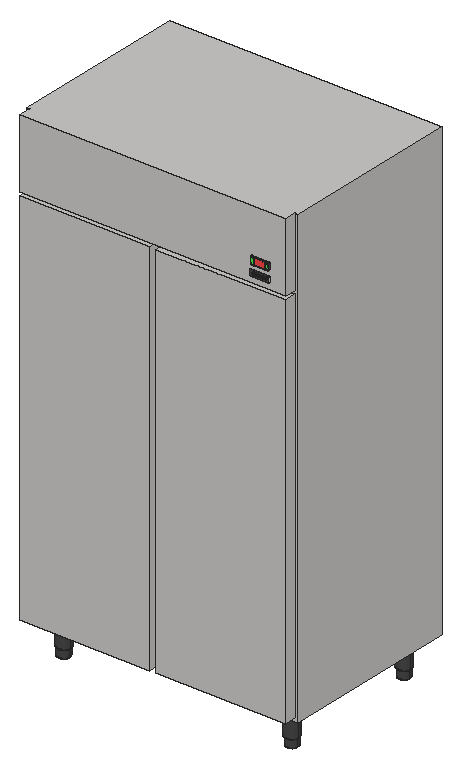
Revit family "RVT_Macom_FVVx-xIT 03 23 A", category Specialty Equipment, Revit 2020
Family settings
  Round Connector Dimension = Use Diameter
  Part Type = Normal
  OmniClass Number = 23.40.40.11.11.11
  OmniClass Title = Refrigerators
  Work Plane-Based = No
  Always vertical = Yes
  Cut with Voids When Loaded = No
  Shared = No
  Room Calculation Point = No
Parameters (values of type "FVVD-MIT")
  Work Temperature = "-21°C to -18°C"
  Weight = 220.00 kg
  Watts = 774 W
  Warranty Start Date [instance] = ""
  Warranty Duration [instance] = ""
  Volume = 1.88 m³
  Volts = 220 V
  URL = "https://www.acosmacom.com.br/produtos/refrigerador-e-freezer-versatile-maxistok/"
  Model = "FVVD-MIT"
  Manufacturer = "MACOM"
  Default Elevation = 0.00 mm
  Door Width = (Length Actual - 28.00 mm * Door QTY) / Door QTY  # 542.00 mm
  Door QTY = 2
  Door 2 = Door QTY = 2  # yes
  Description = "FREEZER VERTICAL VERSATILE MAXI MACOM 2 PORTAS INOX, 20 TRILHOS, 10 CAIXAS PLASTICAS - 1140X800X2060"
  Type Comments = ""
  Technical Documentation [instance] = ""
  Tag Number [instance] = ""
  Status [instance] = ""
  Sound Level [instance] = ""
  Solid Fuel Type [instance] = ""
  Show Logo = yes
  Show Clearances = yes
  Service Life Duration [instance] = ""
  Revision [instance] = ""
  Refrigeration Working Pressure [instance] = 0.0 Pa
  Refrigeration Evaporation Temperature [instance] = -273.15 °C
  Refrigeration Energy Efficiency Index [instance] = ""
  Refrigeration Defrost Drain [instance] = yes
  Refrigeration Climate Class [instance] = "5"
  Refrigerant Type [instance] = "R404a"
  Refrigerant Mass [instance] = 0
  Refrigerant Flow [instance] = 0.0 m³/h
  Production Year [instance] = ""
  Phase [instance] = 0
  Operational Current = 5.07 A
  Model Warning [instance] = ""
  Masterspec [instance] = ""
  Length Actual = 1140.00 mm
  Installation Date [instance] = ""
  Ingress Protection Code [instance] = "IP 22"
  Identify Quantity as Lot [instance] = yes
  ID [instance] = ""
  Hygiene Approval [instance] = ""
  Height Actual = 2060.00 mm
  Foodservice Equipment Identifier [instance] = yes
  Elec Conn Connection Height [instance] = 1823.00 mm
  ETL Approved [instance] = yes
  Depth Actual = 800.00 mm
  Cycle [instance] = 60 Hz
  Capacity = "800 L"
  CSI MasterFormat [instance] = ""
  CE Approved [instance] = yes
  Accessory [instance] = yes
Types (3, lengths in mm): name | Weight | Watts | Volume | Model | Door QTY | Door 2 | Description | Refrigeration Evaporation Temperature | Operational Current | Length Actual | Capacity
  (no name) | 220.00 kg | 774 W | 1.88 m³ | "FVVD-MIT" | 2 | yes | "FREEZER VERTICAL VERSATILE MAXI MACOM 2 PORTAS INOX, 20 TRILHOS, 10 CAIXAS PLASTICAS - 1140X800X2060" | -273.15 °C | 5.07 A | 1140.00 | "800 L"
  FVVD-MIT | 220.00 kg | 774 W | 1.88 m³ | "FVVD-MIT" | 2 | yes | "FREEZER VERTICAL VERSATILE MAXI MACOM 2 PORTAS INOX, 20 TRILHOS, 10 CAIXAS PLASTICAS - 1140X800X2060" | -273.15 °C | 5.07 A | 1140.00 | "800 L"
  FVVS-SIT | 150.00 kg | 706 W | 0.94 m³ | "FVVS-SIT" | 1 | no | "FREEZER VERTICAL VERSATILE SLIM MACOM, 1 PORTA INOX, 10 TRILHOS, 5 CAIXAS PLASTICAS - 570X800X2060MM" | 0 °C | 3.82 A | 570.00 | "410 L"
Reference planes
  plane 1 "Centro (Frontal/Traseira)": y = 0
  plane 2: z = 0
  plane 3 "Centro (Esquerda/Direita)": x = 0
  plane 4: z = 1770
  plane 5: z = 150
  plane 6: y = -126.5
  plane 7: y = -713.5
  plane 8: y = -45
  plane 9: y = -795
  plane 10: x = 91.5
  plane 11: x = 1140
  plane 12: z = 2060
  plane 13: y = -845
  plane 14: y = -845
  plane 15: z = 48.128
  plane 16: y = -845
Forms (mm)
  Extrusion 1, solid, material "QF_Metal_Stainless_Steel"
    sketch origin (0, 5, 0) x (0, 1, 0) y (0, 0, 1)
      loop
        line (-50, 150) -> (-50, 1770) -> (-800, 1770) -> (-800, 150) -> (-50, 150)
    from 0 to 1140
  Extrusion 2, solid, material "QF_Metal_Stainless_Steel"
    sketch origin (0, -45, 1770) x (0, -1, 0) y (1, 0, 0)
      loop
        line (0, 0) -> (750, 0) -> (750, 14) -> (800, 14) -> (800, 1126) -> (750, 1126) -> (750, 1140) -> (0, 1140) -> (0, 0)
    from 0 to 290
  Extrusion 3, solid, material "QF_Metal_Stainless_Steel"
    sketch origin (-7.8, -50, 1767.485) x (1, 0, 0) y (0, 0, -1)
      loop
        line (1050.1, -98.515) -> (1050.1, 230.885) -> (91.5, 230.885) -> (91.5, -98.515) -> (1050.1, -98.515)
    from 5 to 50
  Extrusion 4, solid, material "QF_Metal_Stainless_Steel"
    sketch origin (0, -45, 1770) x (1, 0, 0) y (0, 0, -1)
      loop
        circle (1073, -53) r 9.525
    from 0 to 6.4
  Extrusion 5, solid, material "QF_Finishes_Clearance_Wall", detail levels coarse
    sketch origin (0, -45, 2060) x (0, -1, 0) y (1, 0, 0)
      loop
        line (-45, 0) -> (-45, 1140) -> (-95, 1140) -> (-95, 0) -> (-45, 0)
    from 0 to -2060
Cuts and joins
  joined: Extrusion 1, Extrusion 2
Lines and regions (mm)
  model lines
    curve 1: line (21, -85, 2060) -> (21, -770, 2060)
    curve 2: line (1119, -85, 2060) -> (21, -85, 2060)
    curve 3: line (1119, -770, 2060) -> (1119, -85, 2060)
    curve 4: line (21, -770, 2060) -> (1119, -770, 2060)
    curve 5: line (54, -845, 2028.2) -> (134, -845, 2028.2)
    curve 6: line (54, -845, 2023.2) -> (54, -845, 2028.2)
    curve 7: line (134, -845, 2023.2) -> (54, -845, 2023.2)
    curve 8: line (134, -845, 2028.2) -> (134, -845, 2023.2)
    curve 9: line (54, -845, 2018.2) -> (134, -845, 2018.2)
    curve 10: line (54, -845, 2013.2) -> (54, -845, 2018.2)
    curve 11: line (134, -845, 2013.2) -> (54, -845, 2013.2)
    curve 12: line (134, -845, 2018.2) -> (134, -845, 2013.2)
    curve 13: line (54, -845, 2008.2) -> (134, -845, 2008.2)
    curve 14: line (54, -845, 2003.2) -> (54, -845, 2008.2)
    curve 15: line (134, -845, 2003.2) -> (54, -845, 2003.2)
    curve 16: line (134, -845, 2008.2) -> (134, -845, 2003.2)
    curve 17: line (54, -845, 1998.2) -> (134, -845, 1998.2)
    curve 18: line (54, -845, 1993.2) -> (54, -845, 1998.2)
    curve 19: line (134, -845, 1993.2) -> (54, -845, 1993.2)
    curve 20: line (134, -845, 1998.2) -> (134, -845, 1993.2)
    curve 21: line (54, -845, 1988.2) -> (134, -845, 1988.2)
    curve 22: line (54, -845, 1983.2) -> (54, -845, 1988.2)
    curve 23: line (134, -845, 1983.2) -> (54, -845, 1983.2)
    curve 24: line (134, -845, 1988.2) -> (134, -845, 1983.2)
    curve 25: line (54, -845, 1978.2) -> (134, -845, 1978.2)
    curve 26: line (54, -845, 1973.2) -> (54, -845, 1978.2)
    curve 27: line (134, -845, 1973.2) -> (54, -845, 1973.2)
    curve 28: line (134, -845, 1978.2) -> (134, -845, 1973.2)
    curve 29: line (54, -845, 1968.2) -> (134, -845, 1968.2)
    curve 30: line (54, -845, 1963.2) -> (54, -845, 1968.2)
    curve 31: line (134, -845, 1963.2) -> (54, -845, 1963.2)
    curve 32: line (134, -845, 1968.2) -> (134, -845, 1963.2)
    curve 33: line (54, -845, 1958.2) -> (134, -845, 1958.2)
    curve 34: line (54, -845, 1953.2) -> (54, -845, 1958.2)
    curve 35: line (134, -845, 1953.2) -> (54, -845, 1953.2)
    curve 36: line (134, -845, 1958.2) -> (134, -845, 1953.2)
    curve 37: line (54, -845, 1948.2) -> (134, -845, 1948.2)
    curve 38: line (54, -845, 1943.2) -> (54, -845, 1948.2)
    curve 39: line (134, -845, 1943.2) -> (54, -845, 1943.2)
    curve 40: line (134, -845, 1948.2) -> (134, -845, 1943.2)
    curve 41: line (54, -845, 1938.2) -> (134, -845, 1938.2)
    curve 42: line (54, -845, 1933.2) -> (54, -845, 1938.2)
    curve 43: line (134, -845, 1933.2) -> (54, -845, 1933.2)
    curve 44: line (134, -845, 1938.2) -> (134, -845, 1933.2)
    curve 45: line (54, -845, 1928.2) -> (134, -845, 1928.2)
    curve 46: line (54, -845, 1923.2) -> (54, -845, 1928.2)
    curve 47: line (134, -845, 1923.2) -> (54, -845, 1923.2)
    curve 48: line (134, -845, 1928.2) -> (134, -845, 1923.2)
    curve 49: line (54, -845, 1918.2) -> (134, -845, 1918.2)
    curve 50: line (54, -845, 1913.2) -> (54, -845, 1918.2)
    curve 51: line (134, -845, 1913.2) -> (54, -845, 1913.2)
    curve 52: line (134, -845, 1918.2) -> (134, -845, 1913.2)
    curve 53: line (54, -845, 1908.2) -> (134, -845, 1908.2)
    curve 54: line (54, -845, 1903.2) -> (54, -845, 1908.2)
    curve 55: line (134, -845, 1903.2) -> (54, -845, 1903.2)
    curve 56: line (134, -845, 1908.2) -> (134, -845, 1903.2)
    curve 57: line (54, -845, 1898.2) -> (134, -845, 1898.2)
    curve 58: line (54, -845, 1893.2) -> (54, -845, 1898.2)
    curve 59: line (134, -845, 1893.2) -> (54, -845, 1893.2)
    curve 60: line (134, -845, 1898.2) -> (134, -845, 1893.2)
    curve 61: line (54, -845, 1888.2) -> (134, -845, 1888.2)
    curve 62: line (54, -845, 1883.2) -> (54, -845, 1888.2)
    curve 63: line (134, -845, 1883.2) -> (54, -845, 1883.2)
    curve 64: line (134, -845, 1888.2) -> (134, -845, 1883.2)
    curve 65: line (54, -845, 1878.2) -> (134, -845, 1878.2)
    curve 66: line (54, -845, 1873.2) -> (54, -845, 1878.2)
    curve 67: line (134, -845, 1873.2) -> (54, -845, 1873.2)
    curve 68: line (134, -845, 1878.2) -> (134, -845, 1873.2)
    curve 69: line (54, -845, 1868.2) -> (134, -845, 1868.2)
    curve 70: line (54, -845, 1863.2) -> (54, -845, 1868.2)
    curve 71: line (134, -845, 1863.2) -> (54, -845, 1863.2)
    curve 72: line (134, -845, 1868.2) -> (134, -845, 1863.2)
    curve 73: line (54, -845, 1858.2) -> (134, -845, 1858.2)
    curve 74: line (54, -845, 1853.2) -> (54, -845, 1858.2)
    curve 75: line (134, -845, 1853.2) -> (54, -845, 1853.2)
    curve 76: line (134, -845, 1858.2) -> (134, -845, 1853.2)
    curve 77: line (54, -845, 1848.2) -> (134, -845, 1848.2)
    curve 78: line (54, -845, 1843.2) -> (54, -845, 1848.2)
    curve 79: line (134, -845, 1843.2) -> (54, -845, 1843.2)
    curve 80: line (134, -845, 1848.2) -> (134, -845, 1843.2)
    curve 81: line (54, -845, 1838.2) -> (134, -845, 1838.2)
    curve 82: line (54, -845, 1833.2) -> (54, -845, 1838.2)
    curve 83: line (134, -845, 1833.2) -> (54, -845, 1833.2)
    curve 84: line (134, -845, 1838.2) -> (134, -845, 1833.2)
    curve 85: line (54, -845, 1828.2) -> (134, -845, 1828.2)
    curve 86: line (54, -845, 1823.2) -> (54, -845, 1828.2)
    curve 87: line (134, -845, 1823.2) -> (54, -845, 1823.2)
    curve 88: line (134, -845, 1828.2) -> (134, -845, 1823.2)
    curve 89: line (54, -845, 1818.2) -> (134, -845, 1818.2)
    curve 90: line (54, -845, 1813.2) -> (54, -845, 1818.2)
    curve 91: line (134, -845, 1813.2) -> (54, -845, 1813.2)
    curve 92: line (134, -845, 1818.2) -> (134, -845, 1813.2)
  symbolic lines
    curve 93: line (0, -45, 0) -> (1140, -45, 0)
    curve 94: line (1140, -45, 0) -> (1140, -795, 0)
    curve 95: line (1140, -795, 0) -> (1126, -795, 0)
    curve 96: line (1126, -795, 0) -> (1126, -845, 0)
    curve 97: line (1126, -845, 0) -> (14, -845, 0)
    curve 98: line (14, -845, 0) -> (14, -795, 0)
    curve 99: line (14, -795, 0) -> (0, -795, 0)
    curve 100: line (0, -795, 0) -> (0, -45, 0)
    curve 101: line (21, -85, 0) -> (1119, -85, 0)
    curve 102: line (21, -770, 0) -> (21, -85, 0)
    curve 103: line (1119, -770, 0) -> (21, -770, 0)
    curve 104: line (1119, -85, 0) -> (1119, -770, 0)
    curve 105: line (83.7, -45, 0) -> (83.7, 0, 0)
    curve 106: line (83.7, 0, 0) -> (1042.3, 0, 0)
    curve 107: line (1042.3, 0, 0) -> (1042.3, -45, 0)
Dimensions and locks
  locked: plane 8 to plane 6 at 81.5
  locked: plane 8 to plane 7 at 668.5
  locked: plane 8 to plane 9 at 750
  locked: plane 4 to plane 5 at 1620
  locked: plane 10 to plane 3 "Centro (Esquerda/Direita)" at 91.5
  "Length Actual": plane 11 to plane 3 "Centro (Esquerda/Direita)"
  plane 4 to plane 5 = 1620.00 mm
  plane 12 to plane 5 = 1910.00 mm
  "Height Actual": plane 12 to level
  "Depth Actual": plane 8 to plane 16
  locked: Extrusion 3 sketch curve to Extrusion 3 sketch curve at 329.4
  "Elec Conn Connection Height": level to Extrusion 4 sketch curve
  locked: plane 11 to Extrusion 4 sketch curve at 67
  locked: cut or joined group of Extrusion 1, Extrusion 2 to nested 5 at 81
  locked: cut or joined group of Extrusion 1, Extrusion 2 to nested 6 at 81
  locked: nested 8 to cut or joined group of Extrusion 1, Extrusion 2 at 14
  locked: nested 7 to cut or joined group of Extrusion 1, Extrusion 2 at 14  (x2)
  locked: cut or joined group of Extrusion 1, Extrusion 2 to Extrusion 3 sketch curve at 83.7  (x2)
  cut or joined group of Extrusion 1, Extrusion 2 to Extrusion 3 sketch curve = 194.00 mm
  locked: cut or joined group of Extrusion 1, Extrusion 2 to nested 3 at 91.5
  locked: cut or joined group of Extrusion 1, Extrusion 2 to nested 8 at 14
  locked: curve 3 to cut or joined group of Extrusion 1, Extrusion 2 at 21
  locked: cut or joined group of Extrusion 1, Extrusion 2 to curve 1 at 21
  aligned and locked: level to plane 2
  aligned and locked: plane 4 to Extrusion 1
  aligned and locked: plane 5 to Extrusion 1
  aligned and locked: plane 5 to nested 2
  aligned and locked: plane 5 to nested 3
  aligned and locked: plane 5 to nested 1
  aligned and locked: plane 7 to nested 4
  aligned and locked: plane 7 to nested 1
  aligned and locked: plane 6 to nested 3
  aligned and locked: plane 6 to nested 2
  aligned and locked: plane 8 to Extrusion 1
  aligned and locked: plane 9 to Extrusion 1
  aligned and locked: plane 10 to nested 1
  aligned and locked: plane 10 to nested 2
  aligned and locked: plane 11 to Extrusion 1
  aligned and locked: plane 12 to cut or joined group of Extrusion 1, Extrusion 2
  aligned and locked: nested 5 to plane 13
  aligned and locked: plane 14 to nested 6
  aligned and locked: plane 16 to cut or joined group of Extrusion 1, Extrusion 2
  aligned and locked: plane 16 to plane 14
  aligned and locked: plane 14 to plane 13
  aligned and locked: cut or joined group of Extrusion 1, Extrusion 2 to nested 8
  aligned and locked: cut or joined group of Extrusion 1, Extrusion 2 to nested 7
  aligned and locked: Extrusion 3 to plane 1 "Centro (Frontal/Traseira)"
  aligned and locked: plane 1 "Centro (Frontal/Traseira)" to Extrusion 5 sketch curve
  aligned and locked: Extrusion 5 sketch curve to plane 3 "Centro (Esquerda/Direita)"
  aligned and locked: plane 11 to Extrusion 5 sketch curve
  aligned and locked: nested 4 to nested 3
  aligned and locked: curve 101 to curve 2
  aligned and locked: curve 102 to curve 1
  aligned and locked: curve 103 to curve 4
  aligned and locked: curve 104 to curve 3
  aligned and locked: plane 3 "Centro (Esquerda/Direita)" to curve 100
  aligned and locked: curve 94 to cut or joined group of Extrusion 1, Extrusion 2
  aligned and locked: curve 96 to cut or joined group of Extrusion 1, Extrusion 2
  aligned and locked: curve 98 to cut or joined group of Extrusion 1, Extrusion 2
  aligned and locked: Extrusion 3 to curve 107
  aligned and locked: Extrusion 3 to curve 105
Automatic sketch dimensions
  Extrusion 1 sketch curve to plane 5 = 0.00 mm
  Extrusion 1 sketch curve to plane 9 = 0.00 mm
  Extrusion 1 sketch curve to plane 4 = 0.00 mm
  Extrusion 1 sketch curve to plane 8 = 0.00 mm
  Extrusion 2 sketch curve to Extrusion 1 = 0.00 mm  (x4)
  Extrusion 1 to Extrusion 2 sketch curve = 0.00 mm
  Extrusion 1 to Extrusion 2 sketch curve = 14.00 mm  (x2)
  Extrusion 2 sketch curve to Extrusion 2 sketch curve = 50.00 mm
  Extrusion 2 to curve 92 = 43.20 mm
  Extrusion 2 to curve 92 = 120.00 mm
  Extrusion 2 to curve 5 = 31.80 mm
  Extrusion 2 to curve 5 = 120.00 mm
  curve 88 to curve 89 = 0.00 mm
  curve 7 to curve 9 = 0.00 mm  (x2)
  curve 84 to curve 85 = 0.00 mm
  curve 11 to curve 13 = 0.00 mm  (x2)
  curve 80 to curve 81 = 0.00 mm
  curve 15 to curve 17 = 0.00 mm  (x2)
  curve 76 to curve 77 = 0.00 mm
  curve 19 to curve 21 = 0.00 mm  (x2)
  curve 72 to curve 73 = 0.00 mm
  curve 23 to curve 25 = 0.00 mm  (x2)
  curve 68 to curve 69 = 0.00 mm
  curve 27 to curve 29 = 0.00 mm  (x2)
  curve 64 to curve 65 = 0.00 mm
  curve 31 to curve 33 = 0.00 mm  (x2)
  curve 60 to curve 61 = 0.00 mm
  curve 35 to curve 37 = 0.00 mm  (x2)
  curve 56 to curve 57 = 0.00 mm
  curve 39 to curve 41 = 0.00 mm  (x2)
  curve 52 to curve 53 = 0.00 mm
  curve 43 to curve 45 = 0.00 mm  (x2)
  Extrusion 2 to curve 49 = 40.00 mm
  curve 46 to curve 49 = 0.00 mm
  curve 50 to curve 53 = 0.00 mm
  curve 54 to curve 57 = 0.00 mm
  curve 58 to curve 61 = 0.00 mm
  curve 62 to curve 65 = 0.00 mm
  curve 66 to curve 69 = 0.00 mm
  curve 70 to curve 73 = 0.00 mm
  curve 74 to curve 77 = 0.00 mm
  curve 78 to curve 81 = 0.00 mm
  curve 82 to curve 85 = 0.00 mm
  curve 86 to curve 89 = 0.00 mm
  curve 5 to curve 7 = 5.00 mm
  curve 6 to curve 9 = 5.00 mm
  curve 9 to curve 11 = 5.00 mm
  curve 10 to curve 13 = 5.00 mm
  curve 13 to curve 15 = 5.00 mm
  curve 15 to curve 17 = 5.00 mm
  curve 17 to curve 19 = 5.00 mm
  curve 18 to curve 21 = 5.00 mm
  curve 21 to curve 23 = 5.00 mm
  curve 22 to curve 25 = 5.00 mm
  curve 25 to curve 27 = 5.00 mm
  curve 27 to curve 29 = 5.00 mm
  curve 29 to curve 31 = 5.00 mm
  curve 30 to curve 33 = 5.00 mm
  curve 33 to curve 35 = 5.00 mm
  curve 34 to curve 37 = 5.00 mm
  curve 37 to curve 39 = 5.00 mm
  curve 39 to curve 41 = 5.00 mm
  curve 41 to curve 43 = 5.00 mm
  curve 42 to curve 45 = 5.00 mm
  curve 45 to curve 47 = 5.00 mm
  curve 46 to curve 49 = 5.00 mm
  curve 49 to curve 51 = 5.00 mm
  curve 50 to curve 53 = 5.00 mm
  curve 53 to curve 55 = 5.00 mm
  curve 54 to curve 57 = 5.00 mm
  curve 57 to curve 59 = 5.00 mm
  curve 58 to curve 61 = 5.00 mm
  curve 61 to curve 63 = 5.00 mm
  curve 62 to curve 65 = 5.00 mm
  curve 65 to curve 67 = 5.00 mm
  curve 66 to curve 69 = 5.00 mm
  curve 69 to curve 71 = 5.00 mm
  curve 70 to curve 73 = 5.00 mm
  curve 73 to curve 75 = 5.00 mm
  curve 74 to curve 77 = 5.00 mm
  curve 77 to curve 79 = 5.00 mm
  curve 78 to curve 81 = 5.00 mm
  curve 81 to curve 83 = 5.00 mm
  curve 83 to curve 85 = 5.00 mm
  curve 85 to curve 87 = 5.00 mm
  curve 86 to curve 89 = 5.00 mm
  curve 3 to Extrusion 2 = 40.00 mm
  curve 3 to Extrusion 2 = 25.00 mm
  Extrusion 2 to Extrusion 5 sketch curve = 95.00 mm
  plane 1 "Centro (Frontal/Traseira)" to curve 107 = 0.00 mm
  plane 8 to curve 107 = 0.00 mm
  plane 13 to curve 96 = 0.00 mm
  plane 9 to curve 94 = 0.00 mm
  plane 9 to curve 99 = 0.00 mm
  radius of Extrusion 4 sketch curve = 9.525 mm
Nested families
  nested 1: "PÉ DE APOIO 150" at (91.5, -713.5, 0), type "PÉ DE APOIO 150"
  nested 2: "PÉ DE APOIO 150" at (91.5, -126.5, 0), type "PÉ DE APOIO 150"
  nested 3: "PÉ DE APOIO 150" at (1048.5, -126.5, 0), type "PÉ DE APOIO 150"
  nested 4: "PÉ DE APOIO 150" at (1048.5, -713.5, 0), type "PÉ DE APOIO 150"
  nested 5: "CONTROLADOR_CAB" at (1021.5, -845, 1859.435), type "CONTROLADOR_CAB"
  nested 6: "LOGOTIPO MACON" at (1019, -845, 1797.117), type "LOGOTIPO MACON"
  nested 7: "PORTA RV_FV" at (14, -795, 164), Length Actual <- "Door Width", Show Clearances <- "Show Clearances", type "PORTA RV_FV"
    with Weight 0.00 kg, Show Logo yes, Show Clearances yes, SMACNA No "", Revision Code "", R_Swing no, Point Load 0, NAFEM Spec ID Number "", Mid_Door 0.00 mm, Masterspec "", Length Actual 542.00 mm, L_Swing yes, Item Number "", Identify Quantity as Lot yes, Hinge_R no, Hinge_L yes, Hinge_Half 25.00 mm, Height Actual 0.00 mm, Half_Stainless_Door no, Half_Rght_Open no, Half_Left_Open no, Half_Half_Right_Open no, Half_Half_Left_Open no, Half_Glass_Half_Stainless no, Half_Glass_Door no, Full_Stainless_Door yes, Full_Right_Open no, Full_Left_Open no, Full_Glass_Door no, Foodservice Equipment Identifier yes, Door_Thk 50.00 mm, Depth Actual 0.00 mm, CutHalf 0.00 mm, CSI MasterFormat "", CE Approved yes, Accessory yes
  nested 8: "PORTA RV_FV" at (584, -795, 164), Length Actual <- "Door Width", Show Clearances <- "Show Clearances", visible <- "Door 2", type "PORTA RV_FV"
    with Weight 0.00 kg, Show Logo yes, Show Clearances yes, SMACNA No "", Revision Code "", R_Swing yes, Point Load 0, NAFEM Spec ID Number "", Mid_Door 0.00 mm, Masterspec "", Length Actual 542.00 mm, L_Swing no, Item Number "", Identify Quantity as Lot yes, Hinge_R yes, Hinge_L no, Hinge_Half 25.00 mm, Height Actual 0.00 mm, Half_Stainless_Door no, Half_Rght_Open no, Half_Left_Open no, Half_Half_Right_Open no, Half_Half_Left_Open no, Half_Glass_Half_Stainless no, Half_Glass_Door no, Full_Stainless_Door yes, Full_Right_Open no, Full_Left_Open no, Full_Glass_Door no, Foodservice Equipment Identifier yes, Door_Thk 50.00 mm, Depth Actual 0.00 mm, CutHalf 0.00 mm, CSI MasterFormat "", CE Approved yes, Accessory yes
Connectors
  electrical at (1073, -38.6, 1823), driven by "Volts"
    settings: on Extrusion 4, index 1, voltage 220 V, apparent load 0 VA, apparent load phase1 0 VA, apparent load phase2 0 VA, apparent load phase3 0 VA, power factor 1, load classification "Outro", number of poles 1, system type 30, power factor state 1, is connector primary yes, connector utility no, sub classification motor no, connector description ""
Definition of nested family "PÉ DE APOIO 150"
  Parameters (values of type "pÉ DE APOIO 150")
    Default Elevation = 0.00 mm
  Reference planes
    plane 1 "Centro (Frente/Trás)": y = 0
    plane 2: z = 0
    plane 3 "Centro (Esquerda/Direita)": x = 0
  Forms (mm)
    Revolve 1, solid
      sketch origin (0, 0, 0) x (1, 0, 0) y (0, 0, 1)
        loop
          line (0, 0) -> (23.041, 0)
          arc (23.041, 0) -> (24.426, 0.574) -> (25, 1.959) r 1.959
          line (25, 1.959) -> (25, 35) -> (26.049, 35)
          arc (26.049, 35) -> (28.136, 35.864) -> (29, 37.951) r 2.951
          line (29, 37.951) -> (29, 132) -> (34, 137) -> (0, 137) -> (0, 0)
        axis (0, 137) -> (0, 0)
      angle from 0 to 360
    Extrusion 2, solid
      sketch origin (0, 0, 0.5) x (1, 0, 0) y (0, 0, 1)
        loop
          line (47, 136.5) -> (47, 149.5) -> (-47, 149.5) -> (-47, 136.5) -> (47, 136.5)
      from -57 to 57
  Dimensions and locks
    Extrusion 2 to level = 150.00 mm  (x2)
    aligned and locked: level to plane 2
    aligned and locked: Extrusion 2 to Revolve 1
Definition of nested family "CONTROLADOR_CAB"
  Parameters (values of type "CONTROLADOR_CAB")
    Default Elevation = 0.00 mm
  Reference planes
    plane 1 "Center (Front/Back)": y = 0
    plane 2: z = 0
    plane 3 "Center (Left/Right)": x = 0
  Forms (mm)
    Extrusion 1, solid
      sketch origin (0, 0, 0) x (1, 0, 0) y (0, 0, 1)
        loop
          line (37.5, -12.5) -> (37.5, 12.5)
          arc (37.5, 12.5) -> (36.328, 15.328) -> (33.5, 16.5) r 4
          line (33.5, 16.5) -> (-33.5, 16.5)
          arc (-33.5, 16.5) -> (-36.328, 15.328) -> (-37.5, 12.5) r 4
          line (-37.5, 12.5) -> (-37.5, -12.5)
          arc (-37.5, -12.5) -> (-36.328, -15.328) -> (-33.5, -16.5) r 4
          line (-33.5, -16.5) -> (33.5, -16.5)
          arc (33.5, -16.5) -> (36.328, -15.328) -> (37.5, -12.5) r 4
      from 0 to 5
    Extrusion 2, solid
      sketch origin (0, 0, 0) x (1, 0, 0) y (0, 0, 1)
        loop
          line (24, -13.5) -> (24, 13.5)
          arc (24, 13.5) -> (23.121, 15.621) -> (21, 16.5) r 3
          line (21, 16.5) -> (-21, 16.5)
          arc (-21, 16.5) -> (-23.121, 15.621) -> (-24, 13.5) r 3
          line (-24, 13.5) -> (-24, -13.5)
          arc (-24, -13.5) -> (-23.121, -15.621) -> (-21, -16.5) r 3
          line (-21, -16.5) -> (21, -16.5)
          arc (21, -16.5) -> (23.121, -15.621) -> (24, -13.5) r 3
      from 5 to 5.937
    Extrusion 3, solid
      sketch origin (0, 0, 0) x (1, 0, 0) y (0, 0, 1)
        loop
          line (-23, 13) -> (-23, -13) -> (23, -13) -> (23, 13) -> (-23, 13)
      from 5.937 to 6.875
    Extrusion 4, solid
      sketch origin (0, 0, 0) x (1, 0, 0) y (0, 0, 1)
        loop
          line (24, -13) -> (31, -13)
          arc (31, -13) -> (34.646, 0) -> (31, 13) r 25
          line (31, 13) -> (24, 13) -> (24, -13)
        loop
          line (-24, -13) -> (-24, 13) -> (-31, 13)
          arc (-31, 13) -> (-34.646, 0) -> (-31, -13) r 25
          line (-31, -13) -> (-24, -13)
      from 5 to 5.937
  Cuts and joins
    joined: Extrusion 1, Extrusion 2
  Dimensions and locks
    aligned and locked: level to plane 2
Definition of nested family "LOGOTIPO MACON"
  Parameters (values of type "LOGOTIPO MACON")
    Default Elevation = 0.00 mm
  Reference planes
    plane 1 "Centro (Frente/Trás)": y = 0
    plane 2: z = 0
    plane 3 "Centro (Esquerda/Direita)": x = 0
  Forms (mm)
    Extrusion 1, solid
      sketch origin (0, 4.488, 0.011) x (1, 0, 0) y (0, 0.000061, 1)
        loop
          arc (-37.5, 25.9) -> (-39.268, 25.168) -> (-40, 23.4) r 2.5
          line (-40, 23.4) -> (-40, 2.5)
          arc (-40, 2.5) -> (-39.268, 0.732) -> (-37.5, 0) r 2.5
          line (-37.5, 0) -> (37.5, 0)
          arc (37.5, 0) -> (39.268, 0.732) -> (40, 2.5) r 2.5
          line (40, 2.5) -> (40, 23.4)
          arc (40, 23.4) -> (39.268, 25.168) -> (37.5, 25.9) r 2.5
          line (37.5, 25.9) -> (-37.5, 25.9)
      from 5.474 to 4.489
    Extrusion 2, solid
      sketch origin (0, 4.488, 0.011) x (1, 0, 0) y (0, 0.000061, 1)
        loop
          arc (-39, 3.5) -> (-38.268, 1.732) -> (-36.5, 1) r 2.5
          line (-36.5, 1) -> (36.5, 1)
          arc (36.5, 1) -> (38.268, 1.732) -> (39, 3.5) r 2.5
          line (39, 3.5) -> (39, 22.668)
          arc (39, 22.668) -> (38.268, 24.436) -> (36.5, 25.168) r 2.5
          line (36.5, 25.168) -> (-36.5, 25.168)
          arc (-36.5, 25.168) -> (-38.268, 24.436) -> (-39, 22.668) r 2.5
          line (-39, 22.668) -> (-39, 3.5)
      from 5.474 to 6.289
    Extrusion 3, solid
      sketch origin (24.652, 4.488, 0.011) x (-1, 0, 0) y (0, -0.000061, -1)
        loop
          line (11.282, -9.291) -> (11.282, -10.615)
          arc (11.282, -10.615) -> (15.871, -12.733) -> (11.146, -14.527) r 2.741
          line (11.146, -14.527) -> (11.146, -15.974)
          arc (11.146, -15.974) -> (17.58, -12.762) -> (11.282, -9.291) r 4.061
        loop
          circle (6.809, -12.319) r 3.69
        loop
          circle (6.809, -12.319) r 2.22
        loop
          line (32.238, -16.286) -> (32.238, -9.175) -> (30.639, -9.175) -> (30.639, -14.32)
          arc (30.639, -14.32) -> (30.147, -14.812) -> (29.656, -14.32) r 0.492
          line (29.656, -14.32) -> (29.656, -9.175) -> (28.069, -9.175) -> (28.069, -14.32)
          arc (28.069, -14.32) -> (27.53, -14.859) -> (26.99, -14.32) r 0.539
          line (26.99, -14.32) -> (26.99, -9.175) -> (25.446, -9.175) -> (25.446, -14.741)
          arc (25.446, -14.741) -> (25.898, -15.834) -> (26.99, -16.286) r 1.545
          line (26.99, -16.286) -> (32.238, -16.286)
        loop
          line (23.94, -9.173) -> (22.031, -9.173) -> (22.031, -11.199) -> (20.21, -11.199) -> (20.21, -9.173) -> (18.544, -9.173) -> (18.544, -14.832)
          arc (18.544, -14.832) -> (18.942, -15.792) -> (19.902, -16.189) r 1.358
          line (19.902, -16.189) -> (23.94, -16.189) -> (23.94, -9.173)
        loop
          line (20.21, -12.773) -> (20.21, -14.531) -> (22.031, -14.531) -> (22.031, -12.773) -> (20.21, -12.773)
        loop
          line (1.892, -16.286) -> (1.892, -9.175) -> (0.292, -9.175) -> (0.292, -14.32)
          arc (0.292, -14.32) -> (-0.199, -14.812) -> (-0.691, -14.32) r 0.492
          line (-0.691, -14.32) -> (-0.691, -9.175) -> (-2.278, -9.175) -> (-2.278, -14.32)
          arc (-2.278, -14.32) -> (-2.817, -14.859) -> (-3.356, -14.32) r 0.539
          line (-3.356, -14.32) -> (-3.356, -9.175) -> (-4.901, -9.175) -> (-4.901, -14.741)
          arc (-4.901, -14.741) -> (-4.449, -15.834) -> (-3.356, -16.286) r 1.545
          line (-3.356, -16.286) -> (1.892, -16.286)
        loop
          line (51.28, -9.173) -> (49.828, -17.406)
          arc (49.828, -17.406) -> (53.465, -13.803) -> (51.28, -9.173) r 4.434
        loop
          arc (48.733, -7.616) -> (47.997, -7.316) -> (47.203, -7.346) r 1.888
          line (47.203, -7.346) -> (45.757, -15.549)
          arc (45.757, -15.549) -> (46.402, -15.886) -> (47.047, -15.549) r 0.786
          line (47.047, -15.549) -> (48.733, -7.616)
        loop
          arc (44.32, -6.837) -> (43.579, -6.926) -> (42.893, -7.22) r 2.628
          line (42.893, -7.22) -> (41.1, -15.655)
          arc (41.1, -15.655) -> (41.933, -16) -> (42.765, -15.655) r 1.178
          line (42.765, -15.655) -> (44.32, -6.837)
        loop
          arc (39.538, -8.212) -> (36.053, -11.76) -> (38.114, -16.286) r 4.392
          line (38.114, -16.286) -> (39.538, -8.212)
        loop
          spline (55.059, -12.773) -> (54.705, -11.079) -> (53.667, -9.501) -> (52.017, -8.146) -> (49.866, -7.106) -> (47.361, -6.452) -> (44.673, -6.229) -> (41.985, -6.452) -> (39.48, -7.106) -> (37.329, -8.146) -> (35.678, -9.501) -> (34.641, -11.079) -> (34.287, -12.773)
          spline (34.287, -12.773) -> (34.641, -14.466) -> (35.678, -16.045) -> (37.329, -17.4) -> (39.48, -18.44) -> (41.985, -19.094) -> (44.673, -19.317) -> (47.361, -19.094) -> (49.866, -18.44) -> (52.017, -17.4) -> (53.667, -16.045) -> (54.705, -14.466) -> (55.059, -12.773)
      from 6.289 to 6.977
  Dimensions and locks
    aligned and locked: level to plane 2
Definition of nested family "PORTA RV_FV"
  Parameters (values of type "PORTA RV_FV")
    Weight [instance] = 0.00 kg
    R_Swing [instance] = and(Hinge_R, Show Clearances)  # no
    Mid_Door [instance] = (Height Actual / 2)  # 0.00 mm
    L_Swing [instance] = and(Hinge_L, Show Clearances)  # yes
    Hinge_R [instance] = not(Hinge_L)  # no
    Hinge_L [instance] = yes
    Hinge_Half [instance] = Door_Thk / 2  # 25.00 mm
    Half_Stainless_Door [instance] = no
    Half_Rght_Open [instance] = and(Hinge_R, Half_Glass_Door)  # no
    Half_Left_Open [instance] = and(Hinge_L, Half_Glass_Door)  # no
    Half_Half_Right_Open [instance] = and(Hinge_R, Half_Glass_Half_Stainless)  # no
    Half_Half_Left_Open [instance] = and(Hinge_L, Half_Glass_Half_Stainless)  # no
    Half_Glass_Half_Stainless [instance] = no
    Half_Glass_Door [instance] = no
    Full_Stainless_Door [instance] = no
    Full_Right_Open [instance] = and(Hinge_R, Full_Glass_Door)  # no
    Full_Left_Open [instance] = and(Hinge_L, Full_Glass_Door)  # yes
    Full_Glass_Door [instance] = yes
    Default Elevation = 0.00 mm
    Door_Thk [instance] = 50.00 mm
    CutHalf [instance] = 0.00 mm
    Type Comments = ""
    Show Logo [instance] = yes
    Show Clearances [instance] = yes
    SMACNA No [instance] = ""
    Revision Code [instance] = ""
    Point Load [instance] = 0
    NAFEM Spec ID Number [instance] = ""
    Masterspec [instance] = ""
    Length Actual [instance] = 1000.00 mm
    Item Number [instance] = ""
    Identify Quantity as Lot [instance] = yes
    Height Actual [instance] = 0.00 mm
    Foodservice Equipment Identifier [instance] = yes
    Depth Actual [instance] = 0.00 mm
    CSI MasterFormat [instance] = ""
    CE Approved [instance] = yes
    Accessory [instance] = yes
  Reference planes
    plane 1 "Centro (Frontal/Traseira)": y = 0
    plane 2: z = 0
    plane 3 "Centro (Esquerda/Direita)": x = 0
    plane 4: x = 1000
  Forms (mm)
    Extrusion 1, solid, visible <- "Full_Glass_Door"
      sketch origin (0, 0, 0) x (1, 0, 0) y (0, 0, 1)
        loop
          line (0, 0) -> (1000, 0) -> (1000, 1592) -> (0, 1592) -> (0, 0)
        loop
          line (50, 1542) -> (50, 50) -> (950, 50) -> (950, 1542) -> (50, 1542)
      from 0 to 50 <- "Door_Thk"
    Extrusion 2, solid, visible <- "Full_Glass_Door"
      sketch origin (0, 0, 0) x (1, 0, 0) y (0, 0, 1)
        loop
          line (50, 1542) -> (50, 50) -> (950, 50) -> (950, 1542) -> (50, 1542)
      from 0 to 25 <- "Hinge_Half"
    Extrusion 3, solid, visible <- "Half_Glass_Half_Stainless"
      sketch origin (0, 0, 0) x (1, 0, 0) y (0, 0, 1)
        loop
          line (0, 1592) -> (0, 803.5) -> (1000, 803.5) -> (1000, 1592) -> (0, 1592)
        loop
          line (50, 1542) -> (50, 853.5) -> (950, 853.5) -> (950, 1542) -> (50, 1542)
      from 0 to 50 <- "Door_Thk"
    Extrusion 4, solid, visible <- "Half_Glass_Half_Stainless"
      sketch origin (0, 0, 0) x (1, 0, 0) y (0, 0, 1)
        loop
          line (50, 1542) -> (50, 853.5) -> (950, 853.5) -> (950, 1542) -> (50, 1542)
      from 0 to 25 <- "Hinge_Half"
    Extrusion 5, solid, visible <- "Half_Glass_Half_Stainless"
      sketch origin (0, 0, 0) x (1, 0, 0) y (0, 0, 1)
        loop
          line (0, 0) -> (1000, 0) -> (1000, 788.5) -> (0, 788.5) -> (0, 0)
      from 0 to 50 <- "Door_Thk"
    Extrusion 6, solid, visible <- "L_Swing", detail levels coarse
      sketch origin (0, 0, 1592) x (1, 0, 0) y (0, 1, 0)
        loop
          line (1000, -50) -> (0, -50) -> (0, -1050)
          arc (0, -1050) -> (707.107, -757.107) -> (1000, -50) r 1000
      from 0 to -1592
    Extrusion 7, solid, visible <- "R_Swing", detail levels coarse
      sketch origin (0, 0, 0) x (1, 0, 0) y (0, 1, 0)
        loop
          arc (0, -50) -> (292.893, -757.107) -> (1000, -1050) r 1000
          line (1000, -1050) -> (1000, -50) -> (0, -50)
      from 0 to 1592
    Extrusion 8, solid, visible <- "Full_Stainless_Door"
      sketch origin (0, 0, 0) x (1, 0, 0) y (0, 0, 1)
        loop
          line (0, 1592) -> (0, 0) -> (1000, 0) -> (1000, 1592) -> (0, 1592)
      from 0 to 50 <- "Door_Thk"
    Extrusion 9, solid, visible <- "Half_Stainless_Door"
      sketch origin (0, 0, 0) x (1, 0, 0) y (0, 0, 1)
        loop
          line (0, 1592) -> (0, 803.5) -> (1000, 803.5) -> (1000, 1592) -> (0, 1592)
        loop
          line (0, 788.5) -> (0, 0) -> (1000, 0) -> (1000, 788.5) -> (0, 788.5)
      from 0 to 50 <- "Door_Thk"
    Extrusion 10, solid, visible <- "Half_Glass_Door"
      sketch origin (0, 0, 0) x (1, 0, 0) y (0, 0, 1)
        loop
          line (0, 1592) -> (0, 803.5) -> (1000, 803.5) -> (1000, 1592) -> (0, 1592)
        loop
          line (50, 1542) -> (50, 853.5) -> (950, 853.5) -> (950, 1542) -> (50, 1542)
        loop
          line (0, 788.5) -> (0, 0) -> (1000, 0) -> (1000, 788.5) -> (0, 788.5)
        loop
          line (950, 50) -> (950, 738.5) -> (50, 738.5) -> (50, 50) -> (950, 50)
      from 0 to 50 <- "Door_Thk"
    Extrusion 11, solid, visible <- "Half_Glass_Door"
      sketch origin (0, 0, 0) x (1, 0, 0) y (0, 0, 1)
        loop
          line (50, 1542) -> (50, 853.5) -> (950, 853.5) -> (950, 1542) -> (50, 1542)
        loop
          line (950, 50) -> (950, 738.5) -> (50, 738.5) -> (50, 50) -> (950, 50)
      from 0 to 25 <- "Hinge_Half"
  Dimensions and locks
    locked: Extrusion 1 sketch curve to Extrusion 1 sketch curve at 1592
    locked: Extrusion 1 sketch curve to Extrusion 1 sketch curve at 50  (x4)
    Extrusion 3 sketch curve to Extrusion 3 sketch curve = 50.00 mm
    Extrusion 3 to Extrusion 5 sketch curve = 15.00 mm
    locked: Extrusion 7 to Extrusion 9 sketch curve at 788.5
    locked: Extrusion 9 to Extrusion 10 sketch curve at 50
    "Length Actual": plane 4 to plane 3 "Centro (Esquerda/Direita)"
    locked: plane 4 to nested 5 at 35
    locked: plane 4 to nested 8 at 35
    locked: plane 4 to nested 3 at 35
    aligned and locked: level to plane 2
    aligned and locked: Extrusion 1 sketch curve to plane 2
    aligned and locked: Extrusion 1 sketch curve to plane 3 "Centro (Esquerda/Direita)"
    aligned and locked: Extrusion 3 sketch curve to Extrusion 1  (x3)
    aligned and locked: Extrusion 5 sketch curve to Extrusion 1  (x2)
    aligned and locked: Extrusion 1 to Extrusion 5 sketch curve
    aligned and locked: Extrusion 6 to level
    aligned and locked: Extrusion 7 to Extrusion 1
    aligned and locked: Extrusion 8 sketch curve to Extrusion 1  (x3)
    aligned and locked: plane 2 to Extrusion 8 sketch curve
    aligned and locked: Extrusion 9 sketch curve to Extrusion 3  (x2)
    aligned and locked: Extrusion 9 sketch curve to Extrusion 5  (x2)
    aligned and locked: Extrusion 9 sketch curve to Extrusion 9 sketch curve
    aligned and locked: Extrusion 4 sketch curve to Extrusion 3  (x3)
    aligned and locked: Extrusion 3 to Extrusion 4 sketch curve
    aligned and locked: Extrusion 10 sketch curve to Extrusion 1  (x7)
    aligned and locked: Extrusion 10 sketch curve to Extrusion 3  (x4)
    aligned and locked: Extrusion 1 to Extrusion 10 sketch curve  (x2)
    aligned and locked: Extrusion 10 sketch curve to Extrusion 5  (x2)
    aligned and locked: Extrusion 11 sketch curve to Extrusion 1  (x2)
    aligned and locked: Extrusion 1 to Extrusion 11 sketch curve  (x2)
    aligned and locked: Extrusion 11 sketch curve to Extrusion 3  (x2)
    aligned and locked: Extrusion 11 sketch curve to Extrusion 10  (x2)
    aligned and locked: nested 2 to nested 6
    aligned and locked: nested 3 to nested 8
    aligned and locked: nested 3 to nested 4
    aligned and locked: nested 2 to nested 7
    aligned and locked: plane 4 to Extrusion 1
    aligned and locked: Extrusion 6 sketch curve to Extrusion 1
    aligned and locked: Extrusion 6 sketch curve to plane 3 "Centro (Esquerda/Direita)"
    aligned and locked: Extrusion 7 sketch curve to Extrusion 1
  Automatic sketch dimensions
    Extrusion 1 sketch curve to plane 4 = 0.00 mm
    plane 3 "Centro (Esquerda/Direita)" to Extrusion 2 sketch curve = 50.00 mm
    Extrusion 2 sketch curve to plane 4 = 50.00 mm
    level to Extrusion 2 sketch curve = 50.00 mm
    Extrusion 2 sketch curve to Extrusion 2 sketch curve = 1492.00 mm
    plane 3 "Centro (Esquerda/Direita)" to Extrusion 3 sketch curve = 50.00 mm
    Extrusion 3 sketch curve to Extrusion 3 sketch curve = 50.00 mm
    Extrusion 3 sketch curve to Extrusion 3 sketch curve = 688.50 mm
    Extrusion 9 sketch curve to plane 3 "Centro (Esquerda/Direita)" = 0.00 mm
    Extrusion 9 sketch curve to Extrusion 9 sketch curve = 15.00 mm
    Extrusion 6 sketch curve to Extrusion 3 = 0.00 mm
    Extrusion 7 sketch curve to plane 3 "Centro (Esquerda/Direita)" = 0.00 mm
    Extrusion 7 sketch curve to plane 4 = 0.00 mm
    Extrusion 3 sketch curve to plane 4 = 50.00 mm
  Nested families
    nested 1: "PUXADOR RV_FV" at (11, -50, 977.75), visible <- "Half_Half_Right_Open", type "PUXADOR RV_FV"
    nested 2: "PUXADOR RV_FV" at (11, -50, 174.25), visible <- "Half_Rght_Open", type "PUXADOR RV_FV"
    nested 3: "PUXADOR RV_FV" at (965, -50, 174.25), visible <- "Half_Left_Open", type "PUXADOR RV_FV"
    nested 4: "PUXADOR RV_FV" at (965, -50, 977.75), visible <- "Half_Left_Open", type "PUXADOR RV_FV"
    nested 5: "PUXADOR RV_FV" at (965, -50, 977.75), visible <- "Half_Half_Left_Open", type "PUXADOR RV_FV"
    nested 6: "PUXADOR RV_FV" at (11, -50, 977.75), visible <- "Half_Rght_Open", type "PUXADOR RV_FV"
    nested 7: "PUXADOR RV_FV" at (11, -50, 576), visible <- "Full_Right_Open", type "PUXADOR RV_FV"
    nested 8: "PUXADOR RV_FV" at (965, -50, 576), visible <- "Full_Left_Open", type "PUXADOR RV_FV"
  Definition of nested family "PUXADOR RV_FV"
    Parameters
      Default Elevation = 0.00 mm
    Reference planes
      plane 1 "Centro (Frente/Trás)": y = 0
      plane 2: z = 0
      plane 3 "Centro (Esquerda/Direita)": x = 0
      plane 4: y = -47
    Forms (mm)
      Extrusion 1, solid
        sketch origin (0, 0, 0) x (0, 1, 0) y (0, 0, 1)
          loop
            line (0, 0) -> (0, 60)
            arc (0, 60) -> (-27.553, 220) -> (0, 380) r 478.332
            line (0, 380) -> (0, 440)
            arc (0, 440) -> (-47.026, 220) -> (0, 0) r 538.127
        from 0 to 24
    Dimensions and locks
      plane 4 to plane 1 "Centro (Frente/Trás)" = 47.00 mm
      aligned and locked: level to plane 2
